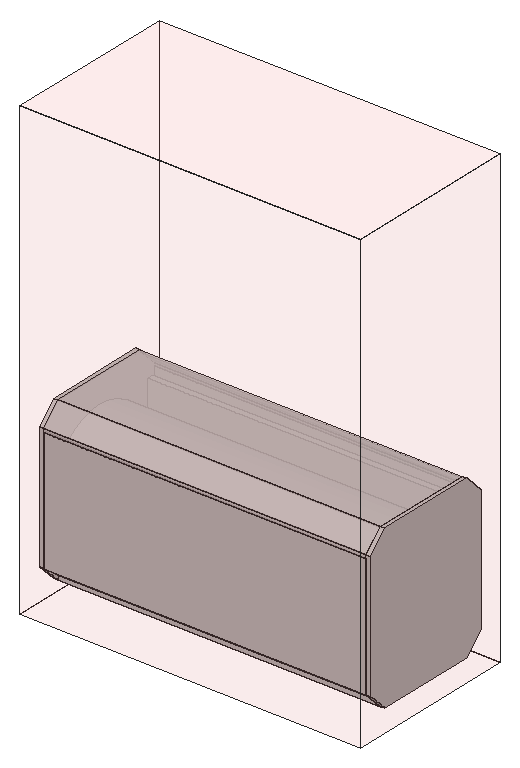
Revit family "Air-Curtain_Insect-Control_PoweredAire_BCE-BCT", category Mechanical Equipment, host Face, Revit 2017
Family settings
  Host = Face
  Round Connector Dimension = Use Diameter
  Part Type = Normal
  OmniClass Number = 23.75.35.17.21
  OmniClass Title = Air Curtains
  Cut with Voids When Loaded = No
  Shared = No
  Room Calculation Point = No
Parameters
  Warranty Duration (Years) = 0
  Unit Width Notes = "Other Widths available."  # constant formula
  Unit Width = 3' - 0"
  Unit Weight = 0
  Unit Height = 1' - 3"
  Unit Depth = 1' - 5 1/2"
  URL = "http://www.poweredaire.com/"
  Test Data = ""
  Standards Conformance = "as Specified"
  Specification = "http://www.arcat.com/sdspecs/htm04/23_34_33pai.htm"
  SpecWizard = ""
  Sound Pressure = "as Specified"
  Sales Information = "http://www.poweredaire.com/contact_us"
  Revision = "R1_2016-08"
  Projection from Host [instance] = 0' - 2"
  Product Properties = ""
  Product Data = "http://www.arcat.com/arcatcos/cos47/arc47623.html"
  Power Rating = 0 W
  Nozzle Width = if(1 = 1, Unit Width - 0' 1", 0' 0")  # 2' - 11"
  Mounting Width = if(1 = 1, Unit Width - 0' 0 15/16", 0' 0")  # 2' - 11 1/16"
  Mounting Height [instance] = 3' - 6"
  Motor RPM = 0
  Motor HP = 0
  Motor Count = 0
  Model = "As Specified"
  Max Height = 0' - 0"
  Manufacturer Website = "http://www.poweredaire.com/"
  Manufacturer Phone - Toll Free = "888-321-2473"
  Manufacturer Phone = "724-588-3305"
  Manufacturer Fax = "724-588-3371"
  Manufacturer Address = "109 Mortensen Rd.  Greenville, PA 16125"
  Manufacturer = "Powered Aire, Inc"
  Maintenance Schedule (Months) = 0
  Keynote = "23 34 33"
  Installation-Fabrication = ""
  Installation Phase = ""
  Include Clearance [instance] = yes
  Heating Element Load = 0 W
  HVAC_Temperature Rise = 0 °F
  HVAC_Outlet Volume = 0 CFM
  HVAC_Outlet Velocity Uniformity = 0
  HVAC_Outlet Velocity = 0 FPM
  Green Building-LEED = "http://www.arcat.com/green/clients/leed_data_47623.html"
  Front Grating Material [instance] = Metal - Steel - PoweredAire - Stainless 304 Perforated
  Frame Finish [instance] = Metal - Steel - PoweredAire - Stainless 304
  Expected Lifespan (Years) = 0
  Electrical_Wattage [instance] = Power Rating + Heating Element Load  # 0 W
  Electrical_Voltage [instance] = 0 V
  Electrical_Phase [instance] = 1
  Electrical_Frequency [instance] = 0 Hz
  Electrical_Amperage [instance] = 0 A
  Drawn By = "Sumex Design, Inc. / Robert S. Weygant, CSI, CDT, SCIP"
  Description = "Powered Aire Air Curtain as Specified"
  Default Elevation = 0' - 0"  # constant formula
  Copyright = "©Arcat Inc."
  Construction Details = "http://www.arcat.com/details/powair/prod3336.html"
  Clearance_Top [instance] = 0' - 2"
  Clearance_Side B [instance] = 0' - 0 1/2"
  Clearance_Side A [instance] = 0' - 0 1/2"
  Clearance_Intake [instance] = 2' - 6"
  Clearance_Bottom [instance] = 0' - 2"
  Clearance Material [instance] = ARCAT Clearance
  Building Codes = ""
  Available Options [instance] = "as Specified"
  Assembly Code = "D3090400"
Reference planes (in)
  plane 1 "Center (Elevation)": y = 0.13818
  plane 2: z = 0
  plane 3 "Center (Left/Right)": x = 0
  plane 4: y = 7.63818
  plane 5: y = -7.36182
  plane 6: x = -18
  plane 7: x = 18
  plane 8: z = 19.5
  plane 9 "FF": y = -41.86182
  plane 10: z = 2
  plane 11: x = 17.5
  plane 12: x = -17.5
  plane 13: y = 9.63818
  plane 14: y = -9.36182
  plane 15: x = -18.5
  plane 16: x = 18.5
  plane 17: z = 49.5
Forms (in)
  Extrusion 1, solid, material "Metal - Steel - PoweredAire - Stainless 304" <- "Frame Finish"
    sketch origin (0, 0, 0) x (0, 1, 0) y (0, 0, 1)
      loop
        line (5.69363, 2) -> (7.63818, 3.94454) -> (7.63818, 17.55546) -> (5.69363, 19.5) -> (-5.41728, 19.5) -> (-7.36182, 17.55546) -> (-7.36182, 3.94454) -> (-5.41728, 2) -> (5.69363, 2)
    from 17.5 to 18
  Extrusion 2, solid, material "Metal - Steel - PoweredAire - Stainless 304" <- "Frame Finish"
    sketch origin (0, 0, -0.5) x (0, 1, 0) y (0, 0, 1)
      loop
        circle (0.13818, 10.9739) r 6.25
      loop
        line (6.63818, 16.89427) -> (6.63818, 5.87829) -> (7.33849, 5.87829) -> (7.33849, 16.89427) -> (6.63818, 16.89427)
      loop
        line (-7.02798, 16.76927) -> (-7.02798, 5.75329) -> (-6.36182, 5.75329) -> (-6.36182, 16.76927) -> (-7.02798, 16.76927)
    from -17.5 to 17.5
  Extrusion 3, solid, material "Metal - Steel - PoweredAire - Stainless 304" <- "Frame Finish"
    sketch origin (0, 0, 0) x (0, 1, 0) y (0, 0, -1)
      loop
        line (5.69363, -2) -> (-5.41728, -2) -> (-7.36182, -3.94454) -> (-7.36182, -17.55546) -> (-5.41728, -19.5) -> (5.69363, -19.5) -> (7.63818, -17.55546) -> (7.63818, -3.94454) -> (5.69363, -2)
    from 17.5 to 18
  Extrusion 4, solid, material "Metal - Steel - PoweredAire - Stainless 304" <- "Frame Finish"
    sketch origin (0, 0, 0) x (0, 1, 0) y (0, 0, 1)
      loop
        line (-5.41728, 2) -> (5.69363, 2) -> (7.63818, 3.94454) -> (7.63818, 17.19454) -> (7.51318, 17.19454) -> (7.51318, 3.99632) -> (5.64186, 2.125) -> (-5.29228, 2.125) -> (-5.29228, 4.06954) -> (-7.23682, 4.06954) -> (-7.23682, 17.19454) -> (-7.36182, 17.19454) -> (-7.36182, 3.94454) -> (-5.41728, 3.94454) -> (-5.41728, 2)
      loop
        line (-6.64819, 3.61034) -> (-5.8702, 2.83235) -> (-5.74472, 2.95783) -> (-6.52271, 3.73583) -> (-6.64819, 3.61034)
    from -17.5 to 17.5
  Extrusion 5, solid, material "Metal - Steel - PoweredAire - Stainless 304 Perforated" <- "Front Grating Material"
    sketch origin (0, 0, 0) x (0, 1, 0) y (0, 0, 1)
      loop
        line (-7.36182, 17.19454) -> (-7.23682, 17.19454) -> (-7.23682, 17.50368) -> (-5.3655, 19.375) -> (5.64186, 19.375) -> (7.51318, 17.50368) -> (7.51318, 17.19454) -> (7.63818, 17.19454) -> (7.63818, 17.55546) -> (5.69363, 19.5) -> (-5.41728, 19.5) -> (-7.36182, 17.55546) -> (-7.36182, 17.19454)
    from -17.5 to 17.5
  Extrusion 6, solid, material "ARCAT Clearance" <- "Clearance Material", visible <- "Include Clearance"
    sketch origin (0, 0, 0) x (0, 1, 0) y (0, 0, 1)
      loop
        line (-9.36182, 49.5) -> (-9.36182, 0) -> (9.63818, 0) -> (9.63818, 49.5) -> (-9.36182, 49.5)
    from -18.5 to 18.5
Dimensions and locks (in)
  equal spacing: plane 4, plane 1 "Center (Elevation)", plane 5
  "Unit Height": plane 4 to plane 5
  equal spacing: plane 6, plane 3 "Center (Left/Right)", plane 7
  "Unit Width": plane 6 to plane 7
  "Mounting Height": plane 1 "Center (Elevation)" to plane 9 "FF"
  "Projection from Host": plane 10 to level
  "Unit Depth": plane 8 to plane 10
  locked: plane 6 to plane 12 at 0.5
  locked: plane 11 to plane 7 at 0.5
  "Clearance_Side A": plane 7 to plane 16
  "Clearance_Side B": plane 15 to plane 6
  "Clearance_Top": plane 13 to plane 4
  "Clearance_Bottom": plane 5 to plane 14
  "Clearance_Intake": plane 17 to plane 8
  aligned and locked: plane 2 to host face
  aligned and locked: level to host face
  aligned and locked: plane 7 to Extrusion 1
  aligned and locked: Extrusion 1 to plane 11
  aligned and locked: plane 12 to Extrusion 3
  aligned and locked: Extrusion 3 to plane 6
  aligned and locked: Extrusion 2 to plane 12
  aligned and locked: plane 11 to Extrusion 2
  aligned and locked: plane 11 to Extrusion 4
  aligned and locked: Extrusion 4 to plane 12
  aligned and locked: plane 11 to Extrusion 5
  aligned and locked: Extrusion 5 to plane 12
  aligned and locked: Extrusion 6 sketch curve to plane 17
  aligned and locked: plane 14 to Extrusion 6 sketch curve
  aligned and locked: level to Extrusion 6 sketch curve
  aligned and locked: Extrusion 6 sketch curve to plane 13
  aligned and locked: plane 16 to Extrusion 6
  aligned and locked: Extrusion 6 to plane 15
Automatic sketch dimensions
  host sketch curve to host sketch curve = 8' - 0"  (x2)
  Extrusion 1 sketch curve to plane 5 = 0' - 0"
  Extrusion 1 sketch curve to plane 8 = 0' - 0"
  Extrusion 1 sketch curve to plane 10 = 0' - 0"
  Extrusion 1 sketch curve to plane 4 = 0' - 0"
  plane 5 to Extrusion 1 sketch curve = 0' - 1.94454"  (x2)
  Extrusion 1 sketch curve to plane 4 = 0' - 1.94454"  (x2)
  plane 10 to Extrusion 1 sketch curve = 0' - 1.94454"  (x2)
  Extrusion 1 sketch curve to plane 8 = 0' - 1.94454"  (x2)
  Extrusion 2 sketch curve to plane 1 "Center (Elevation)" = 0' - 0"
  plane 5 to Extrusion 2 sketch curve = 0' - 1"
  plane 5 to Extrusion 2 sketch curve = 0' - 0.33384"
  Extrusion 2 sketch curve to plane 4 = 0' - 1"
  Extrusion 2 sketch curve to plane 4 = 0' - 0.29969"
  plane 10 to Extrusion 2 sketch curve = 0' - 3.37829"
  plane 10 to Extrusion 2 sketch curve = 0' - 3.25329"
  Extrusion 2 sketch curve to plane 8 = 0' - 9.0261"
  Extrusion 2 sketch curve to plane 8 = 0' - 3.23073"
  Extrusion 2 sketch curve to plane 8 = 0' - 3.10573"
  Extrusion 3 sketch curve to plane 5 = 0' - 0"
  Extrusion 3 sketch curve to plane 8 = 0' - 0"
  Extrusion 3 sketch curve to plane 10 = 0' - 0"
  Extrusion 3 sketch curve to plane 4 = 0' - 0"
  plane 5 to Extrusion 3 sketch curve = 0' - 1.94454"  (x2)
  Extrusion 3 sketch curve to plane 4 = 0' - 1.94454"  (x2)
  Extrusion 3 sketch curve to plane 8 = 0' - 1.94454"  (x2)
  plane 10 to Extrusion 3 sketch curve = 0' - 1.94454"  (x2)
  Extrusion 4 sketch curve to plane 5 = 0' - 0"
  Extrusion 4 sketch curve to plane 10 = 0' - 0"
  Extrusion 4 sketch curve to plane 4 = 0' - 0"
  plane 5 to Extrusion 4 sketch curve = 0' - 0 1/8"
  plane 5 to Extrusion 4 sketch curve = 0' - 0.71363"
  Extrusion 4 sketch curve to Extrusion 4 sketch curve = 0' - 0.12548"  (x2)
  Extrusion 4 sketch curve to Extrusion 4 sketch curve = 0' - 0.778"
  Extrusion 4 sketch curve to Extrusion 4 sketch curve = 0' - 0.32744"
  Extrusion 4 sketch curve to Extrusion 4 sketch curve = 0' - 0 1/8"  (x2)
  plane 10 to Extrusion 4 sketch curve = 0' - 0 1/8"
  Extrusion 4 sketch curve to plane 4 = 0' - 1.99632"
  Extrusion 4 sketch curve to Extrusion 4 sketch curve = 0' - 0.05178"  (x2)
  plane 10 to Extrusion 4 sketch curve = 0' - 0.83235"
  plane 10 to Extrusion 4 sketch curve = 0' - 1.94454"
  Extrusion 4 sketch curve to Extrusion 4 sketch curve = 0' - 0.3342"
  Extrusion 4 sketch curve to plane 4 = 0' - 0 1/8"
  Extrusion 4 sketch curve to plane 8 = 0' - 2.30546"  (x2)
  Extrusion 5 sketch curve to plane 5 = 0' - 0"
  Extrusion 5 sketch curve to plane 8 = 0' - 0"
  Extrusion 5 sketch curve to plane 4 = 0' - 0"
  plane 5 to Extrusion 5 sketch curve = 0' - 0 1/8"
  plane 5 to Extrusion 5 sketch curve = 0' - 1.94454"
  Extrusion 5 sketch curve to plane 8 = 0' - 0 1/8"
  Extrusion 5 sketch curve to Extrusion 5 sketch curve = 0' - 0.05178"  (x4)
  Extrusion 5 sketch curve to plane 4 = 0' - 1.99632"
  Extrusion 5 sketch curve to plane 8 = 0' - 1.94454"  (x2)
  Extrusion 5 sketch curve to Extrusion 5 sketch curve = 0' - 0 1/8"
  Extrusion 5 sketch curve to Extrusion 5 sketch curve = 0' - 0.30914"  (x2)
  radius of Extrusion 2 sketch curve = 0' - 6 1/4"
Connectors (in)
  electrical at (0, 7.63818, 10.56954), driven by "Electrical_Phase", driven by "Electrical_Voltage"
    settings: on Extrusion 4, index 1, voltage 0 V, apparent load 0 VA, apparent load phase1 0 VA, apparent load phase2 0 VA, apparent load phase3 0 VA, power factor 1, load classification "Motor", number of poles 1, system type 31, power factor state 1, is connector primary yes, connector utility no, sub classification motor no, connector description ""
